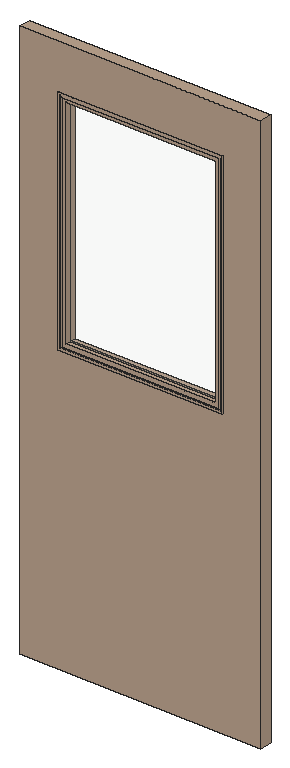
Revit family "DoorPanel_Aluminum_Cline_Vision-Centered", category Doors, Revit 2026
Family settings
  Classification Number = 23.30.10.11.14
  Work Plane-Based = No
  Always vertical = No
  Cut with Voids When Loaded = No
  Shared = Yes
  Room Calculation Point = No
Parameters
  offset [instance] = 0' - 0"
  Width [instance] = 3' - 0"
  Warranty Duration (Years) = 0
  URL = "http://www.clinedoors.com/"
  Thickness [instance] = 0' - 1 3/4"
  Test Data = "http://www.clinedoors.com/testdata-hurricane.aspx"
  Specification = "http://www.arcat.com/sd/clients/clineal.html?coid=31485"
  SpecWizard = ""
  Send Message = "http://www.arcat.com/users.pl?action=UserEmail&company=Cline Aluminum Doors, Inc.&coid=31485&rep=145&fax=941-746-5153&mf="
  Sales Information = "http://www.clinedoors.com/contact-us.aspx"
  Revision = "R1_04-2012"
  Product Properties = ""
  Product Data = "http://www.arcat.com/arcatcos/cos31/arc31485.html"
  Model = "As Specified"
  Material [instance] = Metal - Aluminum - Cline - Anodized - Medium Bronze
  Manufacturer Website = "http://www.clinedoors.com/"
  Manufacturer Phone - Toll Free = "800-648-6736 "
  Manufacturer Phone = "941-746-4104 "
  Manufacturer Fax = "941-746-5153"
  Manufacturer Address = "112 32nd Ave. W. Bradenton, FL 34205-8096"
  Manufacturer = "Cline Aluminum Doors, Inc."
  Maintenance Schedule (Months) = 0
  Keynote = ""
  Installation-Fabrication = "http://www.clinedoors.com/downloads.aspx"
  Installation Phase = ""
  Height [instance] = 7' - 0"
  Green Building-LEED = ""
  Glass Width = 2' - 0"
  Glass Thickness [instance] = 0' - 0 1/4"
  Glass Height = 2' - 10"
  Function = Interior
  Expected Lifespan (Years) = 0
  Drawn By = "Sumex Design, Inc. / Robert S. Weygant, CSI, CDT, SCIP"
  Door Glazing [instance] = Glass - Clear - Cline - Tempered
  Description = ""
  Copyright = "©Arcat Inc."
  Construction Details = ""
  Base Height = 3' - 7"
  Assembly Code = ""
Reference planes (in)
  plane 1 "Center (Front/Back)": y = 0
  plane 2 "Bottom": z = 0
  plane 3 "Center (Left/Right)": x = 0
  plane 4 "Front": y = -0.875
  plane 5 "Back": y = 0.875
  plane 6 "Left": x = -18
  plane 7 "Right": x = 18
  plane 8 "Top": z = 84
  plane 9: z = 42
  plane 10: x = -12
  plane 11: x = 12
  plane 12: z = 77
  plane 13: z = 43
Forms (in)
  Extrusion 1, solid, material "Metal - Aluminum - Cline - Anodized - Medium Bronze" <- "Material"
    sketch origin (-11.94222, -0.875, 48) x (-1, 0, 0) y (0, 0, 1)
      loop
        line (6.05778, 36) -> (-29.94222, 36) -> (-29.94222, -48) -> (6.05778, -48) -> (6.05778, 36)
      loop
        line (0.05778, 29) -> (-23.94222, 29) -> (-23.94222, -5) -> (0.05778, -5) -> (0.05778, 29)
    from 0 to 1.75
Lines and regions (in)
  symbolic lines, style "Plan Swing"
    curve 1: arc (-18, 0.875, 0) -> (-7.45584, 26.33084, 0) -> (18, 36.875, 0) r 36
    curve 2: line (18, 36.875, 0) -> (18, 0.875, 0)
    curve 3: line (18, 36.875, 0) -> (16.25, 36.875, 0)
    curve 4: line (16.25, 36.875, 0) -> (16.25, 0.875, 0)
    curve 5: line (16.25, 0.875, 0) -> (18, 0.875, 0)
  symbolic lines, style "Elevation Swing"
    curve 6: line (-18, 0, 84) -> (18, 0, 42)
    curve 7: line (18, 0, 42) -> (-18, 0, 0)
Dimensions and locks (in)
  equal spacing: plane 6 "Left", plane 3 "Center (Left/Right)", plane 7 "Right"
  "Width": plane 6 "Left" to plane 7 "Right"
  equal spacing: plane 5 "Back", plane 1 "Center (Front/Back)", plane 4 "Front"
  "Thickness": plane 5 "Back" to plane 4 "Front"
  "Height": plane 8 "Top" to level
  "Thickness": curve 4 to plane 7 "Right"
  equal spacing: plane 8 "Top", plane 9, level
  equal spacing: plane 11, plane 3 "Center (Left/Right)", plane 10, locked at 12 each
  "Base Height": plane 13 to level
  "Glass Height": plane 12 to plane 13
  "Glass Width": plane 11 to plane 10
  aligned and locked: plane 5 "Back" to Extrusion 1
  aligned and locked: plane 10 to nested 1
  aligned and locked: plane 11 to nested 1
  aligned and locked: plane 13 to nested 1
  aligned and locked: plane 1 "Center (Front/Back)" to nested 1
Automatic sketch dimensions
  curve 1 to plane 5 "Back" = 0' - 0"
  curve 1 to plane 6 "Left" = 0' - 0"
  curve 2 to plane 7 "Right" = 0' - 0"
  curve 2 to plane 5 "Back" = 0' - 0"
  curve 7 to level = 0' - 0"
  curve 7 to plane 6 "Left" = 0' - 0"
  curve 6 to plane 6 "Left" = 0' - 0"
  curve 6 to plane 7 "Right" = 0' - 0"
  curve 6 to plane 9 = 0' - 0"
  curve 6 to plane 8 "Top" = 0' - 0"
  Extrusion 1 sketch curve to plane 7 "Right" = 0' - 0"
  Extrusion 1 sketch curve to plane 11 = 0' - 0"
  Extrusion 1 sketch curve to plane 10 = 0' - 0"
  Extrusion 1 sketch curve to level = 0' - 0"
  Extrusion 1 sketch curve to plane 6 "Left" = 0' - 0"
  Extrusion 1 sketch curve to plane 13 = 0' - 0"
  Extrusion 1 sketch curve to plane 12 = 0' - 0"
  Extrusion 1 sketch curve to plane 8 "Top" = 0' - 0"
Nested families (in)
  nested 1: "VisionPanel" at (0, 0, 43), Material <- "Material", Glass Type <- "Door Glazing", Thickness <- "Thickness", Glass Thickness <- "Glass Thickness", Height <- "Glass Height", type "VisionPanel"
    with offset 0' - 0", Width 2' - 0", Thickness 0' - 1 3/4", Material Metal - Aluminum - Cline - Anodized - Medium Bronze, Height 2' - 10", Glass Type Glass - Clear - Cline - Tempered, Glass Thickness 0' - 0 1/4"
Definition of nested family "VisionPanel"
  Parameters
    offset [instance] = 0' - 0"
    Width [instance] = 2' - 0"
    Warranty Duration (Years) = 0
    URL = "http://www.clinedoors.com/"
    Thickness [instance] = 0' - 1 3/4"
    Test Data = "http://www.clinedoors.com/testdata-hurricane.aspx"
    Specification = "http://www.arcat.com/sd/clients/clineal.html?coid=31485"
    SpecWizard = ""
    Send Message = "http://www.arcat.com/users.pl?action=UserEmail&company=Cline Aluminum Doors, Inc.&coid=31485&rep=145&fax=941-746-5153&mf="
    Sales Information = "http://www.clinedoors.com/contact-us.aspx"
    Revision = "R1_04-2012"
    Product Properties = ""
    Product Data = "http://www.arcat.com/arcatcos/cos31/arc31485.html"
    Model = "As Specified"
    Material [instance] = none
    Manufacturer Website = "http://www.clinedoors.com/"
    Manufacturer Phone - Toll Free = "800-648-6736 "
    Manufacturer Phone = "941-746-4104 "
    Manufacturer Fax = "941-746-5153"
    Manufacturer Address = "112 32nd Ave. W. Bradenton, FL 34205-8096"
    Manufacturer = "Cline Aluminum Doors, Inc."
    Maintenance Schedule (Months) = 0
    Keynote = ""
    Installation-Fabrication = "http://www.clinedoors.com/downloads.aspx"
    Installation Phase = ""
    Height [instance] = 3' - 0"
    Green Building-LEED = ""
    Glass Type [instance] = none
    Glass Thickness [instance] = 0' - 0 1/4"
    Expected Lifespan (Years) = 0
    Drawn By = "Sumex Design, Inc. / Robert S. Weygant, CSI, CDT, SCIP"
    Description = ""
    Copyright = "©Arcat Inc."
    Construction Details = ""
    Assembly Code = ""
  Reference planes (in)
    plane 1 "Center (Front/Back)": y = 0
    plane 2 "Bottom": z = 0
    plane 3 "Center (Left/Right)": x = 0
    plane 4 "Front": y = -0.875
    plane 5 "Back": y = 0.875
    plane 6 "Left": x = -12
    plane 7 "Right": x = 12
    plane 8 "Top": z = 36
    plane 9: y = 0.125
    plane 10: y = -0.125
  Forms (in)
    Sweep 1, solid, material <- "Material"
      path origin (0, 0, 0) x (1, 0, 0) y (0, 0, 1)
        loop
          line (-12, 36) -> (-12, 0) -> (12, 0) -> (12, 36) -> (-12, 36)
      profile origin (0, 0, 36) x (0, 0, 1) y (0, -1, 0)
        loop
          line (0, -0.875) -> (0, 0.875) -> (0.25, 0.875) -> (0.25, 0.93811) -> (-0.20312, 0.93811) -> (-0.20312, 0.8125) -> (-0.82812, 0.8125) -> (-0.82812, 0.125) -> (-0.26562, 0.125) -> (-0.26562, -0.125) -> (-0.82812, -0.125) -> (-0.82812, -0.8125) -> (-0.20312, -0.8125) -> (-0.20312, -0.93811) -> (0.25, -0.93811) -> (0.25, -0.875) -> (0, -0.875)
    Extrusion 2, solid, material <- "Glass Type"
      sketch origin (0, 0.125, 34.92885) x (0, 0, -1) y (-1, 0, 0)
        loop
          line (-0.80553, 11.73438) -> (-0.80553, -11.73437) -> (34.66322, -11.73437) -> (34.66322, 11.73438) -> (-0.80553, 11.73438)
      from 0 to -0.25
  Dimensions and locks (in)
    equal spacing: plane 6 "Left", plane 3 "Center (Left/Right)", plane 7 "Right"
    "Width": plane 6 "Left" to plane 7 "Right"
    equal spacing: plane 5 "Back", plane 1 "Center (Front/Back)", plane 4 "Front"
    "Thickness": plane 5 "Back" to plane 4 "Front"
    "Height": plane 8 "Top" to level
    equal spacing: plane 9, plane 1 "Center (Front/Back)", plane 10
    "Glass Thickness": plane 9 to plane 10
    locked: Sweep 1 sketch curve to plane 5 "Back" at 0.06311
    locked: plane 5 "Back" to Sweep 1 sketch curve at 0.0625
    locked: Sweep 1 sketch curve to plane 4 "Front" at 0.0625
    locked: plane 4 "Front" to Sweep 1 sketch curve at 0.06311
    aligned and locked: Sweep 1 sketch curve to plane 5 "Back"
    aligned and locked: Sweep 1 sketch curve to plane 10
    aligned and locked: Sweep 1 sketch curve to plane 9
    aligned and locked: Sweep 1 sketch curve to plane 4 "Front"
    aligned and locked: Extrusion 2 to plane 10
  Automatic sketch dimensions
    Sweep 1 sketch curve to level = 0' - 0"
    Sweep 1 sketch curve to plane 6 "Left" = 0' - 0"
    Sweep 1 sketch curve to plane 7 "Right" = 0' - 0"
    Sweep 1 sketch curve to plane 8 "Top" = 0' - 0"
    Sweep 1 sketch curve to profile plane = 0' - 0"
    profile plane to Sweep 1 sketch curve = 0' - 0 13/64"  (x2)
    profile plane to Sweep 1 sketch curve = 0' - 0 17/64"
    Sweep 1 sketch curve to Sweep 1 sketch curve = 0' - 0 5/8"
    Sweep 1 sketch curve to profile plane = 0' - 0 1/4"  (x2)
    Sweep 1 sketch curve to Sweep 1 sketch curve = 0' - 0"
    Extrusion 2 sketch curve to plane 8 "Top" = 0' - 0 17/64"
    level to Extrusion 2 sketch curve = 0' - 0 17/64"
    Extrusion 2 sketch curve to plane 7 "Right" = 0' - 0 17/64"
    plane 6 "Left" to Extrusion 2 sketch curve = 0' - 0 17/64"
